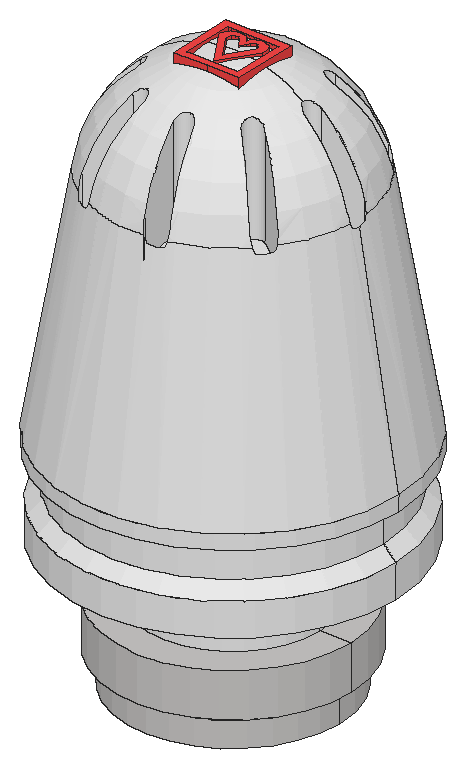
Revit family "HERZ-Mini-Turbo-Design-Thermostatic Sensor M28x1.5 9200 16", category Rohrzubehör, Revit 2021
Family settings
  Bemaßung runder Anschluss = Durchmesser verwenden
  Teiletyp = Normal
  OmniClass-Nummer = 23.65.55.14
  OmniClass-Titel = Valves for Liquid Services
  Arbeitsebenenbasiert = Nein
  Immer vertikal = Nein
  Beim Laden mit Abzugskörper schneiden = Nein
  Gemeinsam genutzt = Nein
Parameters
  Vorgabe-Ansicht = 0 mm
  URL = "www.herzvalves.com"
  Set value range = "6-28°C"  # constant formula
  S02 = 60 mm  # constant formula
  S01 = 73 mm  # constant formula
  Part number = 1920016  # constant formula
  Operation = "The HERZ thermostat serves as a sensing and control element.\r\nThe volumetric change of the liquid filling in the HERZ hydrosensor moves the thrust spindle of the valve."
  Shut off zero position = "When set to \"0\", the thermostatic valve is shut off and the frost protection is disabled."
  Hersteller = "HERZ Armaturen Ges.m.b.H."  # constant formula
  Hand wheel = "plastic, white"  # constant formula
  Frost protection = 6 °C  # constant formula
  Frost protection setpoint range = "6-28°C"  # constant formula
  Frost protection * = "When set to *, the valve automatically opens at approx.\r\n6 ° C ambient temperature and prevents the system from freezing."
  Application = "For mounting on valves that are designed for thermostatic operation"
Reference planes
  plane 1 "Mitte (Vorne/hinten)": y = 0
  plane 2: z = 0
  plane 3 "Mitte (Links/rechts)": x = 0
Forms (mm)
  Revolve 1, solid, material "Kunststoff weiß", detail levels fine
    sketch origin (0, 0, 0) x (1, 0, 0) y (0, 0, 1)
      loop
        line (0, 0) -> (0, 73)
        arc (0, 73) -> (-11.397, 68.78) -> (-17.297, 58.156) r 17.5
        arc (-17.297, 58.156) -> (-20.011, 42.065) -> (-22.88, 26) r 1681.293
        line (-22.88, 26) -> (-22.88, 24) -> (-20.75, 24) -> (-20.75, 19.25) -> (-22.5, 17.5) -> (-22.5, 13) -> (-12.8, 13)
        arc (-12.8, 13) -> (-12.234, 12.766) -> (-12, 12.2) r 0.8
        line (-12, 12.2) -> (-12, 4.8) -> (-13.2, 4.8) -> (-13.2, 0) -> (0, 0)
      axis (0, 73) -> (0, 0)
    angle from 0 to 360
  Revolve 2, solid, material "Messing verzinkt", detail levels fine
    sketch origin (0, 0, 0) x (1, 0, 0) y (0, 0, 1)
      loop
        line (0, 0) -> (0, 5.5) -> (-16.35, 5.5) -> (-16.35, -0.576) -> (-14.75, -1.5) -> (-14.75, -5) -> (-13.35, -5) -> (-13.35, 0) -> (0, 0)
      axis (0, 5.5) -> (0, -5)
    angle from 0 to 360
  Extrusion 3, void
    sketch origin (0, 0, 0) x (1, 0, 0) y (0, 1, 0)
      loop
        arc (11.027, 1.298) -> (9.8, 0) -> (11.027, -1.298) r 1.3
        line (11.027, -1.298) -> (16.77, -1.62)
        arc (16.77, -1.62) -> (17.178, -1.485) -> (17.384, -1.107) r 0.586
        arc (17.384, -1.107) -> (17.453, 0.011) -> (17.382, 1.129) r 9
        arc (17.382, 1.129) -> (17.183, 1.492) -> (16.79, 1.621) r 0.564
        line (16.79, 1.621) -> (11.027, 1.298)
      loop
        line (9.282, 6.094) -> (13.904, 9.55)
        arc (13.904, 9.55) -> (14.121, 9.902) -> (14.04, 10.308) r 0.564
        arc (14.04, 10.308) -> (13.376, 11.21) -> (12.605, 12.023) r 9
        arc (12.605, 12.023) -> (12.205, 12.18) -> (11.805, 12.021) r 0.586
        line (11.805, 12.021) -> (7.613, 8.082)
        arc (7.613, 8.082) -> (7.507, 6.299) -> (9.282, 6.094) r 1.3
      loop
        arc (0.637, 11.085) -> (1.702, 9.651) -> (3.193, 10.634) r 1.3
        line (3.193, 10.634) -> (4.508, 16.234)
        arc (4.508, 16.234) -> (4.445, 16.659) -> (4.109, 16.928) r 0.586
        arc (4.109, 16.928) -> (3.02, 17.189) -> (1.907, 17.313) r 9
        arc (1.907, 17.313) -> (1.515, 17.181) -> (1.319, 16.816) r 0.564
        line (1.319, 16.816) -> (0.637, 11.085)
      loop
        line (-4.39, 10.199) -> (-6.991, 15.351)
        arc (-6.991, 15.351) -> (-7.3, 15.626) -> (-7.713, 15.617) r 0.564
        arc (-7.713, 15.617) -> (-8.717, 15.12) -> (-9.651, 14.501) r 9
        arc (-9.651, 14.501) -> (-9.875, 14.134) -> (-9.788, 13.713) r 0.586
        line (-9.788, 13.713) -> (-6.638, 8.901)
        arc (-6.638, 8.901) -> (-4.9, 8.487) -> (-4.39, 10.199) r 1.3
      loop
        arc (-10.806, 2.552) -> (-9.209, 3.352) -> (-9.918, 4.991) r 1.3
        line (-9.918, 4.991) -> (-15.204, 7.258)
        arc (-15.204, 7.258) -> (-15.634, 7.271) -> (-15.957, 6.986) r 0.586
        arc (-15.957, 6.986) -> (-16.404, 5.959) -> (-16.719, 4.884) r 9
        arc (-16.719, 4.884) -> (-16.657, 4.475) -> (-16.332, 4.219) r 0.564
        line (-16.332, 4.219) -> (-10.806, 2.552)
      loop
        line (-10.806, -2.552) -> (-16.332, -4.219)
        arc (-16.332, -4.219) -> (-16.657, -4.475) -> (-16.719, -4.884) r 0.564
        arc (-16.719, -4.884) -> (-16.404, -5.959) -> (-15.957, -6.986) r 9
        arc (-15.957, -6.986) -> (-15.634, -7.271) -> (-15.204, -7.258) r 0.586
        line (-15.204, -7.258) -> (-9.918, -4.991)
        arc (-9.918, -4.991) -> (-9.209, -3.352) -> (-10.806, -2.552) r 1.3
      loop
        arc (9.282, -6.094) -> (7.507, -6.299) -> (7.613, -8.082) r 1.3
        line (7.613, -8.082) -> (11.805, -12.021)
        arc (11.805, -12.021) -> (12.205, -12.18) -> (12.605, -12.023) r 0.586
        arc (12.605, -12.023) -> (13.376, -11.21) -> (14.04, -10.308) r 9
        arc (14.04, -10.308) -> (14.121, -9.902) -> (13.904, -9.55) r 0.564
        line (13.904, -9.55) -> (9.282, -6.094)
      loop
        line (0.637, -11.085) -> (1.319, -16.816)
        arc (1.319, -16.816) -> (1.515, -17.181) -> (1.907, -17.313) r 0.564
        arc (1.907, -17.313) -> (3.02, -17.189) -> (4.109, -16.928) r 9
        arc (4.109, -16.928) -> (4.445, -16.659) -> (4.508, -16.234) r 0.586
        line (4.508, -16.234) -> (3.193, -10.634)
        arc (3.193, -10.634) -> (1.702, -9.651) -> (0.637, -11.085) r 1.3
      loop
        arc (-4.39, -10.199) -> (-4.9, -8.487) -> (-6.638, -8.901) r 1.3
        line (-6.638, -8.901) -> (-9.788, -13.713)
        arc (-9.788, -13.713) -> (-9.875, -14.134) -> (-9.651, -14.501) r 0.586
        arc (-9.651, -14.501) -> (-8.717, -15.12) -> (-7.713, -15.617) r 9
        arc (-7.713, -15.617) -> (-7.3, -15.626) -> (-6.991, -15.351) r 0.564
        line (-6.991, -15.351) -> (-4.39, -10.199)
    from 55 to 73
Cuts and joins
  Extrusion 3 cuts Revolve 1
Lines and regions (mm)
  model lines, detail levels coarse+medium
    curve 1: line (0, 0, 0) -> (0, 0, 13)
    curve 2: line (0, -0.017, 0) -> (0, 13, 0)
    curve 3: circle (0, 0, 43) r 30 normal (0, -1, 0)
    curve 4: line (0, 0, 23) -> (0, 0, 63)
    curve 5: line (-17.5, 0, 63) -> (17.5, 0, 63)
    curve 6: circle (0, -0.017, 43) r 30 normal (1, 0, 0)
    curve 7: line (0, -0.017, 23) -> (0, -0.017, 63)
    curve 8: line (0, 17.483, 63) -> (0, -17.517, 63)
    curve 9: circle (0, 43, 0) r 30 normal (0, 0, 1)
    curve 10: line (0, 23, 0) -> (0, 63, 0)
    curve 11: line (-17.5, 63, 0) -> (17.5, 63, 0)
Dimensions and locks
  "S01": curve 3 to plane 2
  "S01": curve 6 to plane 2
  "S01": plane 1 "Mitte (Vorne/hinten)" to curve 9
  "S02": diameter of curve 3
  "S02": diameter of curve 6
  "S02": diameter of curve 9
  aligned and locked: level to plane 2
Automatic sketch dimensions
  Revolve 1 sketch curve to level = 0 mm
  Revolve 1 sketch curve to plane 3 "Mitte (Links/rechts)" = 0 mm  (x2)
  Revolve 1 sketch curve to plane 3 "Mitte (Links/rechts)" = 12 mm
  Revolve 1 sketch curve to Revolve 1 sketch curve = 0.8 mm
  Revolve 1 sketch curve to Revolve 1 sketch curve = 1.2 mm
  Revolve 1 sketch curve to Revolve 1 sketch curve = 7.95 mm
  Revolve 1 sketch curve to Revolve 1 sketch curve = 1.75 mm  (x2)
  Revolve 1 sketch curve to Revolve 1 sketch curve = 2.13 mm
  level to Revolve 1 sketch curve = 329.658 mm
  Revolve 1 sketch curve to plane 3 "Mitte (Links/rechts)" = 1676.524 mm
  level to Revolve 1 sketch curve = 4.8 mm
  Revolve 1 sketch curve to Revolve 1 sketch curve = 7.4 mm
  Revolve 1 sketch curve to Revolve 1 sketch curve = 4.5 mm
  Revolve 1 sketch curve to Revolve 1 sketch curve = 4.75 mm
  Revolve 1 sketch curve to Revolve 1 sketch curve = 2 mm
  Revolve 1 sketch curve to Revolve 1 sketch curve = 29.5 mm
  Revolve 1 sketch curve to Revolve 1 sketch curve = 17.5 mm
  Revolve 1 sketch curve to level = 366.045 mm
  Revolve 1 sketch curve to Revolve 1 sketch curve = 2141.315 mm
  Revolve 2 sketch curve to level = 0 mm
  Revolve 2 sketch curve to plane 3 "Mitte (Links/rechts)" = 0 mm  (x2)
  Revolve 2 sketch curve to level = 5 mm
  Revolve 2 sketch curve to plane 3 "Mitte (Links/rechts)" = 13.35 mm
  Revolve 2 sketch curve to Revolve 2 sketch curve = 1.4 mm
  Revolve 2 sketch curve to level = 0.576 mm
  Revolve 2 sketch curve to Revolve 2 sketch curve = 1.6 mm
  Revolve 2 sketch curve to level = 1.5 mm
  level to Revolve 2 sketch curve = 5.5 mm
  Revolve 2 sketch curve to Revolve 2 sketch curve = 361.045 mm
  Revolve 2 sketch curve to Revolve 2 sketch curve = 2208.815 mm
  plane 1 "Mitte (Vorne/hinten)" to Extrusion 3 sketch curve = 0 mm  (x2)
  Extrusion 3 sketch curve to plane 1 "Mitte (Vorne/hinten)" = 4.219 mm
  Extrusion 3 sketch curve to plane 3 "Mitte (Links/rechts)" = 16.332 mm
  plane 1 "Mitte (Vorne/hinten)" to Extrusion 3 sketch curve = 4.219 mm
  Extrusion 3 sketch curve to Extrusion 3 sketch curve = 0 mm  (x11)
  Extrusion 3 sketch curve to Extrusion 3 sketch curve = 0.163 mm  (x2)
  Extrusion 3 sketch curve to Extrusion 3 sketch curve = 0.734 mm  (x2)
  plane 1 "Mitte (Vorne/hinten)" to Extrusion 3 sketch curve = 7.258 mm
  Extrusion 3 sketch curve to Extrusion 3 sketch curve = 0.231 mm  (x2)
  Extrusion 3 sketch curve to plane 1 "Mitte (Vorne/hinten)" = 7.258 mm
  plane 1 "Mitte (Vorne/hinten)" to Extrusion 3 sketch curve = 2.552 mm
  Extrusion 3 sketch curve to Extrusion 3 sketch curve = 5.526 mm
  Extrusion 3 sketch curve to plane 1 "Mitte (Vorne/hinten)" = 2.552 mm
  Extrusion 3 sketch curve to Extrusion 3 sketch curve = 0.375 mm  (x2)
  Extrusion 3 sketch curve to Extrusion 3 sketch curve = 0.512 mm  (x2)
  Extrusion 3 sketch curve to Extrusion 3 sketch curve = 5.416 mm  (x2)
  Extrusion 3 sketch curve to Extrusion 3 sketch curve = 0.49 mm  (x2)
  Extrusion 3 sketch curve to Extrusion 3 sketch curve = 2.488 mm  (x2)
  Extrusion 3 sketch curve to Extrusion 3 sketch curve = 1.803 mm  (x2)
  Extrusion 3 sketch curve to Extrusion 3 sketch curve = 0.504 mm  (x2)
  Extrusion 3 sketch curve to Extrusion 3 sketch curve = 3.281 mm  (x2)
  Extrusion 3 sketch curve to Extrusion 3 sketch curve = 1.088 mm  (x2)
  Extrusion 3 sketch curve to Extrusion 3 sketch curve = 1.16 mm  (x2)
  Extrusion 3 sketch curve to Extrusion 3 sketch curve = 1.324 mm  (x2)
  plane 3 "Mitte (Links/rechts)" to Extrusion 3 sketch curve = 0.637 mm  (x2)
  plane 3 "Mitte (Links/rechts)" to Extrusion 3 sketch curve = 1.319 mm  (x2)
  plane 3 "Mitte (Links/rechts)" to Extrusion 3 sketch curve = 1.468 mm  (x2)
  Extrusion 3 sketch curve to Extrusion 3 sketch curve = 0.561 mm  (x2)
  Extrusion 3 sketch curve to Extrusion 3 sketch curve = 1.291 mm  (x2)
  Extrusion 3 sketch curve to Extrusion 3 sketch curve = 1.266 mm  (x2)
  Extrusion 3 sketch curve to Extrusion 3 sketch curve = 2.058 mm  (x2)
  Extrusion 3 sketch curve to Extrusion 3 sketch curve = 0.57 mm  (x2)
  Extrusion 3 sketch curve to Extrusion 3 sketch curve = 5.007 mm  (x2)
  Extrusion 3 sketch curve to Extrusion 3 sketch curve = 1.138 mm  (x2)
  Extrusion 3 sketch curve to Extrusion 3 sketch curve = 1.978 mm
  Extrusion 3 sketch curve to Extrusion 3 sketch curve = 0.89 mm  (x2)
  Extrusion 3 sketch curve to Extrusion 3 sketch curve = 0.779 mm  (x2)
  plane 1 "Mitte (Vorne/hinten)" to Extrusion 3 sketch curve = 1.298 mm
  Extrusion 3 sketch curve to Extrusion 3 sketch curve = 2.575 mm
  Extrusion 3 sketch curve to Extrusion 3 sketch curve = 0.073 mm
  Extrusion 3 sketch curve to Extrusion 3 sketch curve = 4.192 mm  (x2)
  Extrusion 3 sketch curve to Extrusion 3 sketch curve = 0.401 mm  (x2)
  Extrusion 3 sketch curve to Extrusion 3 sketch curve = 1.36 mm  (x2)
  Extrusion 3 sketch curve to Extrusion 3 sketch curve = 0.338 mm  (x2)
  plane 1 "Mitte (Vorne/hinten)" to Extrusion 3 sketch curve = 1.62 mm
  Extrusion 3 sketch curve to Extrusion 3 sketch curve = 5.743 mm
  Extrusion 3 sketch curve to plane 1 "Mitte (Vorne/hinten)" = 1.621 mm
  Extrusion 3 sketch curve to Extrusion 3 sketch curve = 0.02 mm
  Extrusion 3 sketch curve to Extrusion 3 sketch curve = 0.033 mm
  Extrusion 3 sketch curve to Extrusion 3 sketch curve = 0.032 mm
  plane 1 "Mitte (Vorne/hinten)" to Extrusion 3 sketch curve = 7.32 mm
  Extrusion 3 sketch curve to Extrusion 3 sketch curve = 6.784 mm
  Extrusion 3 sketch curve to Extrusion 3 sketch curve = 1.004 mm
  Extrusion 3 sketch curve to Extrusion 3 sketch curve = 1.581 mm  (x2)
  Extrusion 3 sketch curve to Extrusion 3 sketch curve = 1.468 mm
  Extrusion 3 sketch curve to Extrusion 3 sketch curve = 0.712 mm  (x2)
  Extrusion 3 sketch curve to Extrusion 3 sketch curve = 0.452 mm  (x2)
  Extrusion 3 sketch curve to Extrusion 3 sketch curve = 2.31 mm  (x2)
  Extrusion 3 sketch curve to Extrusion 3 sketch curve = 0.297 mm  (x2)
  Extrusion 3 sketch curve to Extrusion 3 sketch curve = 1.591 mm  (x2)
  Extrusion 3 sketch curve to Extrusion 3 sketch curve = 0.427 mm  (x2)
  Extrusion 3 sketch curve to Extrusion 3 sketch curve = 4.812 mm  (x2)
  Extrusion 3 sketch curve to Extrusion 3 sketch curve = 0.321 mm  (x2)
  Extrusion 3 sketch curve to Extrusion 3 sketch curve = 1.063 mm  (x2)
  Extrusion 3 sketch curve to Extrusion 3 sketch curve = 0.254 mm  (x2)
  Extrusion 3 sketch curve to Extrusion 3 sketch curve = 5.599 mm  (x2)
  Extrusion 3 sketch curve to Extrusion 3 sketch curve = 0.134 mm  (x2)
  Extrusion 3 sketch curve to Extrusion 3 sketch curve = 0.382 mm  (x2)
  Extrusion 3 sketch curve to Extrusion 3 sketch curve = 0.067 mm  (x2)
  Extrusion 3 sketch curve to Extrusion 3 sketch curve = 0.947 mm
  Extrusion 3 sketch curve to Extrusion 3 sketch curve = 0.539 mm  (x2)
  Extrusion 3 sketch curve to Extrusion 3 sketch curve = 1.702 mm
  Extrusion 3 sketch curve to Extrusion 3 sketch curve = 2.439 mm
  Extrusion 3 sketch curve to Extrusion 3 sketch curve = 0.54 mm  (x2)
  Extrusion 3 sketch curve to Extrusion 3 sketch curve = 0.905 mm
  Extrusion 3 sketch curve to Extrusion 3 sketch curve = 0.585 mm
  Extrusion 3 sketch curve to Extrusion 3 sketch curve = 0.564 mm
  Extrusion 3 sketch curve to Extrusion 3 sketch curve = 0.339 mm
  Extrusion 3 sketch curve to Extrusion 3 sketch curve = 1.245 mm
  Extrusion 3 sketch curve to plane 1 "Mitte (Vorne/hinten)" = 5.433 mm
  Extrusion 3 sketch curve to Extrusion 3 sketch curve = 0.661 mm
  Extrusion 3 sketch curve to Extrusion 3 sketch curve = 1.041 mm
  Extrusion 3 sketch curve to Extrusion 3 sketch curve = 4.429 mm
  Extrusion 3 sketch curve to Extrusion 3 sketch curve = 2.891 mm
  Extrusion 3 sketch curve to Extrusion 3 sketch curve = 3.456 mm
  Extrusion 3 sketch curve to plane 1 "Mitte (Vorne/hinten)" = 1.298 mm  (x2)
  plane 1 "Mitte (Vorne/hinten)" to curve 6 = 0.017 mm
  plane 1 "Mitte (Vorne/hinten)" to curve 7 = 0.017 mm
  curve 8 to curve 7 = 17.5 mm
  curve 8 to plane 1 "Mitte (Vorne/hinten)" = 17.483 mm
  curve 7 to curve 6 = 20 mm
  curve 6 to curve 8 = 20 mm
  curve 3 to plane 3 "Mitte (Links/rechts)" = 0 mm
  curve 4 to plane 3 "Mitte (Links/rechts)" = 0 mm
  curve 1 to plane 3 "Mitte (Links/rechts)" = 0 mm
  curve 1 to level = 0 mm
  curve 5 to curve 4 = 17.5 mm
  plane 3 "Mitte (Links/rechts)" to curve 5 = 17.5 mm
  curve 1 to curve 4 = 10 mm
  curve 3 to curve 5 = 20 mm
  curve 9 to plane 3 "Mitte (Links/rechts)" = 0 mm
  curve 10 to plane 3 "Mitte (Links/rechts)" = 0 mm
  curve 2 to plane 3 "Mitte (Links/rechts)" = 0 mm
  curve 11 to curve 10 = 17.5 mm
  plane 3 "Mitte (Links/rechts)" to curve 11 = 17.5 mm
  plane 1 "Mitte (Vorne/hinten)" to curve 2 = 0.017 mm
  curve 2 to curve 10 = 10 mm
  curve 9 to curve 11 = 20 mm
Nested families
  nested 1: "Herz-Logo" at (0, 0, 71.5), type "Herz-Logo", detail levels fine
Definition of nested family "Herz-Logo"
  Parameters (values of type "Herz-Logo")
    Default Elevation = 0 mm
  Reference planes
    plane 1 "Mitte (Vorne/hinten)": y = 0
    plane 2: z = 0
    plane 3 "Mitte (Links/rechts)": x = 0
  Forms (mm)
    Extrusion 1, solid
      sketch origin (0, 0, 0) x (1, 0, 0) y (0, 1, 0)
        loop
          line (-0.018, -4.517) -> (4.482, -4.517) -> (4.482, 4.483) -> (-4.518, 4.483) -> (-4.518, -4.517) -> (-0.018, -4.517)
        loop
          line (-0.05, -3.48) -> (3.482, -3.48) -> (3.482, 3.483) -> (-3.518, 3.483) -> (-3.518, -3.48) -> (-0.05, -3.48)
        loop
          arc (-0.018, 2.383) -> (-1.543, 3.287) -> (-3.067, 2.383) r 1.738
          arc (-3.067, 2.383) -> (-3.191, 1.899) -> (-3.067, 1.415) r 1.009
          line (-3.067, 1.415) -> (-0.018, -3.281) -> (3.032, 1.415)
          arc (3.032, 1.415) -> (3.156, 1.899) -> (3.032, 2.383) r 1.009
          arc (3.032, 2.383) -> (1.507, 3.287) -> (-0.018, 2.383) r 1.738
        loop
          arc (1.885, 1.272) -> (2.005, 1.675) -> (1.885, 2.079) r 0.74
          arc (1.885, 2.079) -> (1.265, 2.416) -> (0.644, 2.079) r 0.74
          line (0.644, 2.079) -> (-0.018, 0.97) -> (-0.679, 2.079)
          arc (-0.679, 2.079) -> (-1.3, 2.416) -> (-1.921, 2.079) r 0.74
          arc (-1.921, 2.079) -> (-2.04, 1.675) -> (-1.921, 1.272) r 0.74
          line (-1.921, 1.272) -> (-0.018, -1.658) -> (1.885, 1.272)
      from 0 to 1.5
  Dimensions and locks
    aligned and locked: level to plane 2
